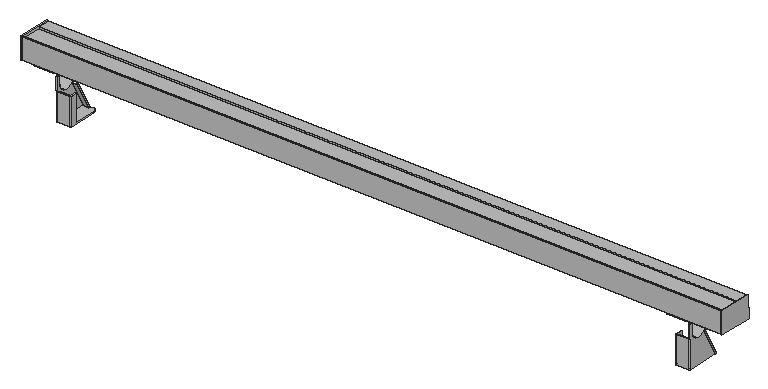
Revit family "4070764+4070747+4070771 Feilo Sylvania Lighting Fixtures CURSUS 1161MM 731LM WIDE LED 3K with SINGLE WALL HOUSING with 70MM WALL BRACKET", category Lighting Fixtures, host Face, Revit 2017
Family settings
  Host = Face
  Round Connector Dimension = Use Diameter
  Part Type = Normal
  OmniClass Number = 23.80.70.14
  OmniClass Title = Luminaries for External Lighting
  Cut with Voids When Loaded = Yes
  Light Source = No
  Shared = No
  Room Calculation Point = No
Parameters (values of type "4070764 CURSUS 1161MM 731LM WIDE LED 3K")
  Weight = "2.2 kg"
  Wattage Comments = "n/a"
  WarrantyStartDate [instance] = "n/a"
  WarrantyGuarantorParts = "n/a"
  WarrantyDurationUnit = "n/a"
  WarrantyDurationParts = "n/a"
  WarrantyDescription = "n/a"
  Voltage = 230 V
  URL = "http://www.sylvania-lighting.com"
  TypeName = "CURSUS 1161MM 731LM WIDE LED 3K"
  TypeFixture_FEILO = CURSUS with SINGLE WALL HOUSING : CURSUS 1161MM 731LM WIDE LED 3K
  Type Image = <None>
  Type Comments = "n/a"
  TiltAngle [instance] = 0.00°
  StartAngle [instance] = TiltAngle + 270.00°  # 270.00°
  SerialNumber [instance] = "n/a"
  ReflectorMaterial = none
  PowerFactor = 0
  PowerConsumption = "18 W"
  NominalLength = 1161 mm
  NominalHeight = 50 mm
  NominalDepth = 30 mm
  Name = "CURSUS 1161MM 731LM WIDE LED 3K"
  ModelReference = Name  # "CURSUS 1161MM 731LM WIDE LED 3K"
  ModelNumber = "4070764"
  Model = Name  # "CURSUS 1161MM 731LM WIDE LED 3K"
  Material = "natural anodised extruded aluminium structure housing"
  ManufacturerName = "Feilo Sylvania"
  Manufacturer = "Feilo Sylvania"
  LuminousEfficacy = "40.61 lm/W"
  LuminaireType = ""
  LightOutputRatio = "100"
  LampsType = Lamp  # "LED"
  LampNominalLuminous = "731 lm"
  LampMacAdamStep = "n/a"
  LampColourTemperature = "3000 K"
  LampColourRenderingIndex = "80"
  Lamp = "LED"
  Keynote = "16500"
  InstallationDate [instance] = "n/a"
  InputVoltage = "220-240V~"
  InputNominalFrequency = "n/a"
  IngressProtection = "IP67"
  ImpactProtectionIndex = "IK07"
  IfcExportType = "IfcLightFixtureType"
  IfcExportAs = "IfcLightFixtureType"
  ExpectedLife = 50000
  EndAngle [instance] = StartAngle - 180.00°  # 90.00°
  ElectricShockClassification = "Class III"
  DurationUnit = "hours"
  DocumentationLiterature = "http://www.sylvania-lighting.com/product/en-int/products/4070764"
  DimmingControlOptions = "n/a"
  DiffuserMaterial = Diffuser-Sylvania-Glow
  Description = "LED Exterior Lighting Recessed Surface Mounted Linear Fixture, Natural anodised extruded aluminium structure. Die-cast aluminium end caps. Installation kit with harmonic steel springs., 731 lm, 18W, 40lm/W, 3000K, CRI80+,non dimmable,IP67, IK07, (HxWxD) 1161x50x30mm, 3 step Mac Adam Ellipse, 2.2kg,, Classe III, 21-25V-DC, energy class : A++, A+, A"
  Default Elevation = 1219.2 mm
  CreatedOn = "1/8/2018"
  CreatedBy = ""
  Cost = 0
  built-in parameter 1114216 [instance] = (empty or 0)
  ClassificationValue = "EF_70_80"
  ClassificationName = "Uniclass2015"
  BracketWidth = 24 mm
  BracketThickness = 2 mm
  BracketHeightEnd = 32 mm
  BracketHeight = 55 mm
  BracketFlange = BracketHeight / 5  # 11 mm
  BracketExtension = 70 mm
  BracketEndReduction = 25 mm
  BracketC = 22 mm  # constant formula
  BracketDistance = 1030 mm
  BracketD = BracketHeightEnd - (BracketC * (BracketHeight - BracketHeightEnd) / (BracketExtension - BracketEndReduction))  # 20.756 mm
  BodyMaterial = Body-Sylvania-Gray
  BarCode [instance] = "n/a"
  AssetType = "Fixed"
  AssetIdentifier [instance] = "n/a"
  Assembly Code = "D5020200"
  Apparent Load = 18 VA
  AccessoryMaterial = Diffuser-Sylvania-Glow
Reference planes
  plane 1 "Center (Front/Back)": y = 0
  plane 2: z = 0
  plane 3 "Center (Left/Right)": x = 0
  plane 4: x = -527
  plane 5: x = 527
  plane 6: y = 55
  plane 7: x = -503
  plane 8: x = 503
  plane 9: z = 70
  plane 10: z = 56
  plane 11: z = 2
  plane 12: z = 45
  plane 13: x = -525
  plane 14: y = 53
  plane 15: y = 2
  plane 16: x = -505
  plane 17: x = 505
  plane 18: x = 525
  plane 19: x = -515
  plane 20: x = 515
  plane 21: y = 11
  plane 22: y = 32
  plane 23: y = 30
  plane 24: z = 67
  plane 25: y = 20.756
  plane 26: y = 16
Forms (mm)
  Blend 1, solid, material "Body-Sylvania-Gray" <- "BodyMaterial"
    base sketch origin (1223.4, -4572, 2) x (0, -1, 0) y (1, 0, 0)
      loop
        line (-4625, -1738.4) -> (-4627, -1738.4) -> (-4627, -1748.4)
        arc (-4627, -1748.4) -> (-4626.414, -1749.814) -> (-4625, -1750.4) r 2
        line (-4625, -1750.4) -> (-4574, -1750.4)
        arc (-4574, -1750.4) -> (-4572.586, -1749.814) -> (-4572, -1748.4) r 2
        line (-4572, -1748.4) -> (-4572, -1728.4)
        arc (-4572, -1728.4) -> (-4572.586, -1726.986) -> (-4574, -1726.4) r 2
        line (-4574, -1726.4) -> (-4583, -1726.4) -> (-4583, -1728.4) -> (-4574, -1728.4) -> (-4574, -1748.4) -> (-4625, -1748.4) -> (-4625, -1738.4)
    top sketch origin (1223.4, -4572, 2) x (0, -1, 0) y (1, 0, 0)
      loop
        line (-4583, -1728.4) -> (-4574, -1728.4) -> (-4574, -1748.4) -> (-4602, -1748.4) -> (-4602, -1738.4) -> (-4604, -1738.4) -> (-4604, -1748.4)
        arc (-4604, -1748.4) -> (-4603.52, -1749.71) -> (-4602.309, -1750.4) r 2.028
        line (-4602.309, -1750.4) -> (-4574, -1750.4)
        arc (-4574, -1750.4) -> (-4572.586, -1749.814) -> (-4572, -1748.4) r 2
        line (-4572, -1748.4) -> (-4572, -1728.4)
        arc (-4572, -1728.4) -> (-4572.586, -1726.986) -> (-4574, -1726.4) r 2
        line (-4574, -1726.4) -> (-4583, -1726.4) -> (-4583, -1728.4)
    from 0 to 43
  Extrusion 2, solid, material "Body-Sylvania-Gray" <- "BodyMaterial"
    sketch origin (0, 0, 0) x (1, 0, 0) y (0, 1, 0)
      loop
        arc (-525, 55) -> (-526.414, 54.414) -> (-527, 53) r 2
        line (-527, 53) -> (-527, 2)
        arc (-527, 2) -> (-526.414, 0.586) -> (-525, 0) r 2
        line (-525, 0) -> (-505, 0)
        arc (-505, 0) -> (-503.586, 0.586) -> (-503, 2) r 2
        line (-503, 2) -> (-503, 47.5)
        arc (-503, 47.5) -> (-505.197, 52.803) -> (-510.5, 55) r 7.5
        line (-510.5, 55) -> (-525, 55)
      loop
        line (525, 55) -> (510.5, 55)
        arc (510.5, 55) -> (505.197, 52.803) -> (503, 47.5) r 7.5
        line (503, 47.5) -> (503, 2)
        arc (503, 2) -> (503.586, 0.586) -> (505, 0) r 2
        line (505, 0) -> (525, 0)
        arc (525, 0) -> (526.414, 0.586) -> (527, 2) r 2
        line (527, 2) -> (527, 53)
        arc (527, 53) -> (526.414, 54.414) -> (525, 55) r 2
    from 0 to 2
  Blend 3, solid, material "Body-Sylvania-Gray" <- "BodyMaterial"
    base sketch origin (1223.4, -4572, 2) x (0, -1, 0) y (1, 0, 0)
      loop
        line (-4625, -698.4) -> (-4574, -698.4) -> (-4574, -718.4) -> (-4583, -718.4) -> (-4583, -720.4) -> (-4574, -720.4)
        arc (-4574, -720.4) -> (-4572.586, -719.814) -> (-4572, -718.4) r 2
        line (-4572, -718.4) -> (-4572, -698.4)
        arc (-4572, -698.4) -> (-4572.586, -696.986) -> (-4574, -696.4) r 2
        line (-4574, -696.4) -> (-4625, -696.4)
        arc (-4625, -696.4) -> (-4626.414, -696.986) -> (-4627, -698.4) r 2
        line (-4627, -698.4) -> (-4627, -708.4) -> (-4625, -708.4) -> (-4625, -698.4)
    top sketch origin (1223.4, -4572, 2) x (0, -1, 0) y (1, 0, 0)
      loop
        line (-4602, -708.4) -> (-4602, -698.4) -> (-4574, -698.4) -> (-4574, -718.4) -> (-4583, -718.4) -> (-4583, -720.4) -> (-4574, -720.4)
        arc (-4574, -720.4) -> (-4572.586, -719.814) -> (-4572, -718.4) r 2
        line (-4572, -718.4) -> (-4572, -698.4)
        arc (-4572, -698.4) -> (-4572.586, -696.986) -> (-4574, -696.4) r 2
        line (-4574, -696.4) -> (-4602, -696.4)
        arc (-4602, -696.4) -> (-4603.414, -696.986) -> (-4604, -698.4) r 2
        line (-4604, -698.4) -> (-4604, -708.4) -> (-4602, -708.4)
    from 0 to 43
  Blend 4, solid, material "Body-Sylvania-Gray" <- "BodyMaterial"
    base sketch origin (1223.4, -4572, 45) x (0, -1, 0) y (1, 0, 0)
      loop
        line (-4604, -1750.4) -> (-4572, -1750.4) -> (-4572, -1748.4) -> (-4604, -1748.4) -> (-4604, -1750.4)
    top sketch origin (1223.4, -4572, 45) x (0, -1, 0) y (1, 0, 0)
      loop
        line (-4572, -1750.4) -> (-4572, -1748.4) -> (-4592.756, -1748.4) -> (-4592.756, -1750.4) -> (-4572, -1750.4)
    from 0 to 22
  Blend 5, solid, material "Body-Sylvania-Gray" <- "BodyMaterial"
    base sketch origin (1223.4, -4572, 45) x (0, -1, 0) y (1, 0, 0)
      loop
        line (-4604, -698.4) -> (-4572, -698.4) -> (-4572, -696.4) -> (-4604, -696.4) -> (-4604, -698.4)
    top sketch origin (1223.4, -4572, 45) x (0, -1, 0) y (1, 0, 0)
      loop
        line (-4572, -696.4) -> (-4592.756, -696.4) -> (-4592.756, -698.4) -> (-4572, -698.4) -> (-4572, -696.4)
    from 0 to 22
  Extrusion 6, void
    sketch origin (0, 0, 0) x (0, 1, 0) y (0, 0, 1)
      loop
        line (0, 45) -> (2, 45) -> (2, 46.5) -> (0, 46.5) -> (0, 45)
      loop
        line (32, 45) -> (32, 46.5) -> (30, 46.5) -> (30, 45) -> (32, 45)
    from -527 to 527
  Revolve 7, solid, not visible
    sketch origin (1524, 16, 1219.2) x (1, 0, 0) y (0, 0, 1)
      loop
        line (-1524, -1152.2) -> (-1524, -1163.2) -> (-1009, -1163.2) -> (-1009, -1152.2) -> (-1524, -1152.2)
      axis (-1009, -1163.2) -> (-1524, -1163.2)
    angle from 270 <- "StartAngle" to 90 <- "EndAngle"
Cuts and joins
  Extrusion 6 cuts Blend 4
  Extrusion 6 cuts Blend 5
  joined: Blend 1, Extrusion 2, Blend 3, Blend 4, Blend 5
Lines and regions (mm)
  reference lines, not visible
    curve 1: line (-503, 16, 56) -> (503, 16, 56)
Dimensions and locks
  equal spacing: plane 4, plane 3 "Center (Left/Right)", plane 5
  "BracketDistance": plane 19 to plane 20
  "BracketHeight": plane 1 "Center (Front/Back)" to plane 6
  equal spacing: plane 7, plane 3 "Center (Left/Right)", plane 8
  "BracketWidth": plane 4 to plane 7
  "BracketExtension": plane 9 to plane 2
  "BracketThickness": plane 11 to plane 2
  "BracketEndReduction": plane 9 to plane 12
  equal spacing: plane 13, plane 3 "Center (Left/Right)", plane 18
  equal spacing: plane 16, plane 3 "Center (Left/Right)", plane 17
  "BracketThickness": plane 4 to plane 13
  "BracketThickness": plane 16 to plane 7
  "BracketThickness": plane 14 to plane 6
  "BracketThickness": plane 1 "Center (Front/Back)" to plane 15
  equal spacing: plane 4, plane 19, plane 7
  equal spacing: plane 8, plane 20, plane 5
  "BracketFlange": plane 1 "Center (Front/Back)" to plane 21
  "BracketHeightEnd": plane 1 "Center (Front/Back)" to plane 22
  "BracketThickness": plane 23 to plane 22
  locked: Extrusion 2 sketch curve to plane 7 at 7.5
  locked: Extrusion 2 sketch curve to plane 6 at 7.5  (x2)
  locked: plane 8 to Extrusion 2 sketch curve at 7.5
  "BracketC": plane 24 to plane 12
  "BracketD": plane 1 "Center (Front/Back)" to plane 25
  locked: plane 12 to Extrusion 6 sketch curve at 1.5
  equal spacing: plane 24, plane 10, plane 12
  equal spacing: plane 1 "Center (Front/Back)", plane 26, plane 22
  aligned and locked: plane 2 to host face
  aligned and locked: level to host face
  aligned and locked: plane 4 to Blend 1 sketch curve  (x2)
  aligned and locked: plane 13 to Blend 1 sketch curve  (x3)
  aligned and locked: Blend 1 sketch curve to plane 15
  aligned and locked: Blend 1 sketch curve to plane 16
  aligned and locked: Blend 1 sketch curve to plane 21
  aligned and locked: plane 7 to Blend 1 sketch curve
  aligned and locked: plane 16 to Blend 1 sketch curve
  aligned and locked: plane 1 "Center (Front/Back)" to Blend 1 sketch curve
  aligned and locked: plane 14 to Blend 1 sketch curve
  aligned and locked: Blend 1 sketch curve to var sketch  (x6)
  aligned and locked: Blend 1 sketch curve to plane 19
  aligned and locked: Blend 1 sketch curve to plane 22
  aligned and locked: plane 23 to Blend 1 sketch curve
  aligned and locked: plane 11 to Blend 1
  aligned and locked: Extrusion 2 sketch curve to Blend 1  (x3)
  aligned and locked: Extrusion 2 to level
  aligned and locked: Extrusion 2 to plane 11
  aligned and locked: Extrusion 2 sketch curve to plane 7
  aligned and locked: plane 18 to Blend 3 sketch curve  (x4)
  aligned and locked: plane 14 to Blend 3 sketch curve  (x2)
  aligned and locked: Blend 3 sketch curve to plane 20
  aligned and locked: Blend 3 sketch curve to plane 6
  aligned and locked: plane 5 to Blend 3 sketch curve
  aligned and locked: plane 1 "Center (Front/Back)" to Blend 3 sketch curve
  aligned and locked: plane 15 to Blend 3 sketch curve  (x2)
  aligned and locked: Blend 3 sketch curve to plane 8
  aligned and locked: Blend 3 sketch curve to plane 21
  aligned and locked: plane 17 to Blend 3 sketch curve
  aligned and locked: Blend 3 sketch curve to plane 18
  aligned and locked: plane 20 to Blend 3 sketch curve  (x2)
  aligned and locked: Blend 3 sketch curve to plane 23
  aligned and locked: Blend 3 sketch curve to var sketch  (x8)
  aligned and locked: var sketch to Blend 3 sketch curve
  aligned and locked: plane 22 to Blend 3 sketch curve
  aligned and locked: plane 11 to Blend 3
  aligned and locked: Extrusion 2 sketch curve to Blend 3  (x4)
  aligned and locked: Blend 1 to plane 12
  aligned and locked: Blend 3 to plane 12
  aligned and locked: Blend 4 sketch curve to plane 22
  aligned and locked: Blend 4 sketch curve to cut or joined group of Blend 1, Extrusion 2, Blend 3, Blend 4, Blend 5, Extrusion 6  (x2)
  aligned and locked: cut or joined group of Blend 1, Extrusion 2, Blend 3, Blend 4, Blend 5, Extrusion 6 to Blend 4 sketch curve
  aligned and locked: Blend 4 sketch curve to var sketch  (x2)
  aligned and locked: Blend 4 sketch curve to plane 13
  aligned and locked: Blend 4 to plane 24
  aligned and locked: Blend 4 sketch curve to plane 25
  aligned and locked: Blend 5 sketch curve to plane 18  (x2)
  aligned and locked: plane 1 "Center (Front/Back)" to Blend 5 sketch curve
  aligned and locked: plane 5 to Blend 5 sketch curve
  aligned and locked: plane 22 to Blend 5 sketch curve
  aligned and locked: Blend 5 sketch curve to var sketch
  aligned and locked: var sketch to Blend 5 sketch curve
  aligned and locked: Blend 5 sketch curve to plane 25
  aligned and locked: Blend 5 to plane 24
  aligned and locked: plane 12 to Blend 5
  aligned and locked: Extrusion 6 sketch curve to cut or joined group of Blend 1, Extrusion 2, Blend 3, Blend 4, Blend 5, Extrusion 6  (x2)
  aligned and locked: Extrusion 6 sketch curve to Extrusion 6 sketch curve
  aligned and locked: Extrusion 6 sketch curve to plane 15
  aligned and locked: plane 5 to Extrusion 6
  aligned and locked: Extrusion 6 to plane 4
  aligned and locked: Extrusion 6 sketch curve to plane 23
  aligned and locked: Revolve 7 sketch curve to plane 10  (x2)
  aligned and locked: plane 24 to Revolve 7 sketch curve
  aligned and locked: plane 3 "Center (Left/Right)" to Revolve 7 sketch curve
  aligned and locked: Revolve 7 sketch curve to plane 20
  aligned and locked: plane 7 to curve 1
  aligned and locked: plane 10 to curve 1
  aligned and locked: nested 1 to plane 5
  aligned and locked: nested 2 to plane 4
  aligned and locked: nested 1 to curve 1
  aligned and locked: nested 2 to curve 1
  aligned and locked: nested 1 to nested 3
  aligned and locked: nested 3 to plane 3 "Center (Left/Right)"
Automatic sketch dimensions
  host sketch curve to host sketch curve = 2438.4 mm  (x2)
  Blend 1 sketch curve to plane 13 = 0 mm
  plane 15 to Blend 1 sketch curve = 0 mm  (x3)
  Blend 1 sketch curve to plane 23 = 0.309 mm
  plane 6 to Blend 1 sketch curve = 0 mm
  plane 14 to Blend 1 sketch curve = 0 mm
  Blend 1 sketch curve to plane 19 = 0 mm
  Blend 3 sketch curve to plane 17 = 0 mm
  Extrusion 6 sketch curve to plane 1 "Center (Front/Back)" = 0 mm
  plane 12 to Extrusion 6 sketch curve = 0 mm
  Revolve 7 sketch curve to plane 4 = 1153 mm
  plane 5 to Revolve 7 sketch curve = 1161.4 mm
  curve 1 to plane 8 = 0 mm
Nested families
  nested 1: "MountingPlate" at (526, 16, 56) x (-1, 0, 0) z (0, 0, 1), type "MountingPlate"
  nested 2: "MountingPlate" at (-526, 16, 56) x (-1, 0, 0) z (0, 0, 1), type "MountingPlate"
  nested 3: "CURSUS with SINGLE WALL HOUSING" at (0, -4, 74) x (-1, 0, 0) z (0, 0, 1), type <- "TypeFixture_FEILO", type "CURSUS 1161MM 731LM WIDE LED 3K"
    with WarrantyStartDate "n/a", SerialNumber "n/a", InstallationDate "n/a", EndCapRight yes, EndCapLeft yes, built-in parameter 1114216 (empty or 0), BarCode "n/a", AssetIdentifier "n/a"
Connectors
  electrical at (0, 0, 0), driven by "Voltage", driven by "Apparent Load", driven by "PowerFactor"
    settings: index 1, voltage 230 V, apparent load 18 VA, apparent load phase1 0 VA, apparent load phase2 0 VA, apparent load phase3 0 VA, power factor 0, load classification "Other", number of poles 1, system type 30, power factor state 1, is connector primary yes, connector utility no, sub classification motor no, connector description ""
Definition of nested family "MountingPlate"
  Parameters (values of type "MountingPlate")
    URL = "http://www.feilosylvania.com"
    Type Comments = "n/a"
    ReflectorMaterial = none
    MountingPlateWidth = 76 mm
    MountingPlateThickness = 2 mm
    MountingPlateRadiusBack = 12 mm
    MountingPlateRadius = 3 mm
    MountingPlateHeight = 35 mm
    Model = "n/a"
    Manufacturer = "Feilo Sylvania"
    Keynote = "n/a"
    DiffuserMaterial = none
    Description = "n/a"
    Default Elevation = 1219.2 mm
    Cost = 0
    BodyMaterial = none
    Assembly Code = "n/a"
    AccessoryMaterial = none
  Reference planes
    plane 1 "Center (Front/Back)": y = 0
    plane 2: z = 0
    plane 3 "Center (Left/Right)": x = 0
    plane 4: x = -38
    plane 5: x = 38
    plane 6: y = 17.5
    plane 7: y = -17.5
    plane 8: x = -3
    plane 9: x = 3
    plane 10: z = 18
    plane 11: z = 16
    plane 12: y = 12.5
    plane 13: y = -12.5
    plane 14: x = -1
    plane 15: x = 1
    plane 16: z = -12.5
    plane 17: z = -14.5
  Forms (mm)
    Extrusion 1, solid
      sketch origin (1.653, 0, 0) x (1, 0, 0) y (0, 1, 0)
        loop
          line (-1219.2, 1219.2) -> (-1219.2, -1219.2) -> (1219.2, -1219.2) -> (1219.2, 1219.2) -> (-1219.2, 1219.2)
      from 0 to -304.8
    Extrusion 2, solid, material <- "BodyMaterial"
      sketch origin (1218.4, -4572, 16) x (0, -1, 0) y (-1, 0, 0)
        loop
          line (-4589.5, 1253.4) -> (-4589.5, 1224.4)
          arc (-4589.5, 1224.4) -> (-4588.621, 1222.279) -> (-4586.5, 1221.4) r 3
          line (-4586.5, 1221.4) -> (-4557.5, 1221.4)
          arc (-4557.5, 1221.4) -> (-4555.379, 1222.279) -> (-4554.5, 1224.4) r 3
          line (-4554.5, 1224.4) -> (-4554.5, 1253.4)
          arc (-4554.5, 1253.4) -> (-4555.379, 1255.521) -> (-4557.5, 1256.4) r 3
          line (-4557.5, 1256.4) -> (-4586.5, 1256.4)
          arc (-4586.5, 1256.4) -> (-4588.621, 1255.521) -> (-4589.5, 1253.4) r 3
        loop
          arc (-4589.5, 1183.4) -> (-4588.621, 1181.279) -> (-4586.5, 1180.4) r 3
          line (-4586.5, 1180.4) -> (-4557.5, 1180.4)
          arc (-4557.5, 1180.4) -> (-4555.379, 1181.279) -> (-4554.5, 1183.4) r 3
          line (-4554.5, 1183.4) -> (-4554.5, 1212.4)
          arc (-4554.5, 1212.4) -> (-4555.379, 1214.521) -> (-4557.5, 1215.4) r 3
          line (-4557.5, 1215.4) -> (-4586.5, 1215.4)
          arc (-4586.5, 1215.4) -> (-4588.621, 1214.521) -> (-4589.5, 1212.4) r 3
          line (-4589.5, 1212.4) -> (-4589.5, 1183.4)
      from 0 to -2
    Extrusion 3, solid, material <- "BodyMaterial"
      sketch origin (0, 0, 0) x (1, 0, 0) y (0, 0, 1)
        loop
          line (-3, 18) -> (-3, -12.5) -> (-1, -12.5) -> (-1, 16)
          arc (-1, 16) -> (-1.586, 17.414) -> (-3, 18) r 2
        loop
          line (3, -12.5) -> (3, 18)
          arc (3, 18) -> (1.586, 17.414) -> (1, 16) r 2
          line (1, 16) -> (1, -12.5) -> (3, -12.5)
      from -12.5 to 12.5
    Extrusion 4, void
      sketch origin (0, 0, 0) x (0, 1, 0) y (0, 0, 1)
        loop
          line (-12.5, -0.5) -> (-17.5, -0.5) -> (-17.5, -14.5) -> (-0.5, -14.5) -> (-0.5, -12.5)
          arc (-0.5, -12.5) -> (-8.985, -8.985) -> (-12.5, -0.5) r 12
        loop
          line (0.5, -12.5) -> (0.5, -14.5) -> (17.5, -14.5) -> (17.5, -0.5) -> (12.5, -0.5)
          arc (12.5, -0.5) -> (8.985, -8.985) -> (0.5, -12.5) r 12
      from -3 to 3
  Cuts and joins
    Extrusion 4 cuts Extrusion 2
    Extrusion 4 cuts Extrusion 3
    joined: Extrusion 2, Extrusion 3
  Lines and regions (mm)
    reference lines
      curve 1: line (-38, 0, 0) -> (38, 0, 0)
  Dimensions and locks
    equal spacing: plane 4, plane 3 "Center (Left/Right)", plane 5
    "MountingPlateWidth": plane 4 to plane 5
    equal spacing: plane 7, plane 1 "Center (Front/Back)", plane 6
    "MountingPlateHeight": plane 7 to plane 6
    equal spacing: plane 8, plane 3 "Center (Left/Right)", plane 9
    "MountingPlateHeight": plane 4 to plane 8
    locked: plane 10 to plane 2 at 18
    "MountingPlateThickness": plane 10 to plane 11
    equal spacing: plane 13, plane 1 "Center (Front/Back)", plane 12
    locked: plane 13 to plane 12 at 25
    "MountingPlateRadius": plane 4 to Extrusion 2 sketch curve  (x2)
    "MountingPlateRadius": Extrusion 2 sketch curve to plane 6  (x4)
    "MountingPlateRadius": Extrusion 2 sketch curve to plane 8  (x2)
    "MountingPlateRadius": plane 7 to Extrusion 2 sketch curve  (x4)
    "MountingPlateRadius": plane 9 to Extrusion 2 sketch curve  (x2)
    "MountingPlateRadius": Extrusion 2 sketch curve to plane 5  (x2)
    equal spacing: plane 15, plane 3 "Center (Left/Right)", plane 14
    "MountingPlateThickness": plane 14 to plane 8
    locked: plane 2 to plane 16 at 12.5
    locked: plane 17 to plane 16 at 2
    "MountingPlateRadiusBack": plane 13 to Extrusion 4 sketch curve
    "MountingPlateRadiusBack": plane 16 to Extrusion 4 sketch curve  (x2)
    "MountingPlateRadiusBack": Extrusion 4 sketch curve to plane 12
    aligned and locked: plane 2 to Extrusion 1
    aligned and locked: level to Extrusion 1
    aligned and locked: Extrusion 2 sketch curve to plane 6
    aligned and locked: Extrusion 2 sketch curve to plane 4
    aligned and locked: plane 7 to Extrusion 2 sketch curve
    aligned and locked: plane 8 to Extrusion 2 sketch curve
    aligned and locked: plane 6 to Extrusion 2 sketch curve
    aligned and locked: Extrusion 2 sketch curve to plane 5
    aligned and locked: Extrusion 2 sketch curve to plane 7
    aligned and locked: plane 9 to Extrusion 2 sketch curve
    aligned and locked: Extrusion 2 to plane 10
    aligned and locked: plane 11 to Extrusion 2
    aligned and locked: Extrusion 3 sketch curve to Extrusion 2  (x2)
    aligned and locked: plane 16 to Extrusion 3 sketch curve  (x2)
    aligned and locked: plane 14 to Extrusion 3 sketch curve
    aligned and locked: plane 9 to Extrusion 3 sketch curve
    aligned and locked: plane 15 to Extrusion 3 sketch curve
    aligned and locked: Extrusion 3 to plane 12
    aligned and locked: plane 13 to Extrusion 3
    aligned and locked: plane 17 to Extrusion 4 sketch curve  (x2)
    aligned and locked: Extrusion 4 sketch curve to plane 7
    aligned and locked: Extrusion 4 sketch curve to plane 6
    aligned and locked: plane 9 to Extrusion 4
    aligned and locked: Extrusion 4 to plane 8
    aligned and locked: plane 4 to curve 1
    aligned and locked: curve 1 to level
  Automatic sketch dimensions
    Extrusion 1 sketch curve to Extrusion 1 sketch curve = 2438.4 mm  (x2)
    Extrusion 3 sketch curve to plane 11 = 0 mm
    curve 1 to plane 5 = 0 mm
    Extrusion 4 sketch curve to plane 13 = 0 mm
    Extrusion 4 sketch curve to plane 12 = 0 mm
Definition of nested family "CURSUS with SINGLE WALL HOUSING"
  Parameters (values of type "CURSUS 1161MM 827LM OVAL LED 3K")
    Width_FEILO = 35 mm
    Weight = "2.2 kg"
    Wattage Comments = "n/a"
    Wattage = 18 W
    WarrantyStartDate [instance] = "n/a"
    WarrantyGuarantorParts = "n/a"
    WarrantyDurationUnit = "n/a"
    WarrantyDurationParts = "n/a"
    WarrantyDescription = "n/a"
    WallThickness_FEILO = 2.5 mm
    built-in parameter 1150110 = 1 (stored number, unit not read)
    Voltage = 24 V
    URL = "http://www.feilosylvania.com"
    TypeName = "CURSUS 1161MM 827LM OVAL LED 3K"
    Type Image = (empty or 0)
    Type Comments = "n/a"
    built-in parameter 1114217 = 1 (stored number, unit not read)
    Tilt Angle = -90.00°
    built-in parameter 1150109 = 1 (stored number, unit not read)
    built-in parameter 1150134 = (empty or 0)
    built-in parameter 1150113 = 1 (stored number, unit not read)
    SerialNumber [instance] = "n/a"
    ReflectorMaterial = none
    PowerFactor = 0
    PowerConsumption = "18 W"
    Photometric Web File = "4070765.ies"
    NominalLength = 1161 mm
    NominalHeight = 50 mm
    NominalDepth = 30 mm
    Name = "CURSUS 1161MM 827LM OVAL LED 3K"
    ModelReference = Name  # "CURSUS 1161MM 827LM OVAL LED 3K"
    ModelNumber = ""
    Model = Name  # "CURSUS 1161MM 827LM OVAL LED 3K"
    Material = "natural anodised extruded aluminium structure housing, optical system with pmma lenses diffuser"
    ManufacturerName = "Feilo Sylvania"
    Manufacturer = "Feilo Sylvania"
    LuminousEfficacy = "45.94 lm/W"
    built-in parameter 1150105 = 1166.5 (stored number, unit not read)
    Lumens = 827 lm
    LuminaireType = ""
    built-in parameter 1150115 = 1 (stored number, unit not read)
    LightOutputRatio = "100"
    built-in parameter 1150137 = (empty or 0)
    built-in parameter 1150139 = (empty or 0)
    Length_FEILO = 1167 mm
    LampsType = Lamp  # "LED"
    LampNominalLuminous = "827 lm"
    LampMacAdamStep = "n/a"
    LampColourTemperature = "3000 K"
    LampColourRenderingIndex = "80"
    built-in parameter 1150112 = 1 (stored number, unit not read)
    built-in parameter 1150114 = 1 (stored number, unit not read)
    Lamp = "LED"
    Keynote = "16500"
    InstallationDate [instance] = "n/a"
    InputVoltage = "24V DC"
    InputNominalFrequency = "n/a"
    built-in parameter 1150132 = (empty or 0)
    built-in parameter 1150102 = (empty or 0)
    built-in parameter 1150107 = 3000 (stored number, unit not read)
    built-in parameter 1150138 = (empty or 0)
    IngressProtection = "IP67"
    ImpactProtectionIndex = "IK07"
    built-in parameter 1150106 = 11.665 (stored number, unit not read)
    IfcExportType = "IfcLightFixtureType"
    IfcExportAs = "IfcLightFixtureType"
    ExpectedLife = 50000
    EndCapRight [instance] = yes
    EndCapLeft [instance] = yes
    Emit from Rectangle Width = Width_FEILO - WallThickness_FEILO * 2  # 30 mm
    Emit from Rectangle Length = Length_FEILO - WallThickness_FEILO * 2  # 1162 mm
    Emit Shape Visible in Rendering = no
    ElectricShockClassification = "Class III"
    built-in parameter 1150104 = 4.2684 (stored number, unit not read)
    DurationUnit = "hours"
    DocumentationLiterature = "http://www.feilosylvania.com/product/en-int/products/4070765"
    DimmingControlOptions = "n/a"
    Dimming Lamp Color Temperature Shift = (empty or 0)
    DiffuserMaterial = none
    Description = "LED Exterior Lighting Recessed Surface Mounted Linear Fixture, Natural anodised extruded aluminium structure. Die-cast aluminium end caps. Installation kit with harmonic steel springs., 827 lm, 18W, 45lm/W, 3000K, CRI80+,non dimmable,IP67, IK07, (HxWxD) 1161x50x30mm, 3 step Mac Adam Ellipse, 2.2kg,, Classe III, 21-25V-DC, energy class : A++, A+, A"
    Default Elevation = 1219.2 mm
    CreatedOn = "1/8/2018"
    CreatedBy = "aron.fodor@feilosylvania.com"
    Cost = 0
    Color Filter = 16777215
    built-in parameter 1114216 [instance] = (empty or 0)
    ClassificationValue = "EF_70_80"
    ClassificationName = "Uniclass2015"
    BodyMaterial = none
    BarCode [instance] = "n/a"
    built-in parameter 1114218 = 1 (stored number, unit not read)
    built-in parameter 1150133 = 10 (stored number, unit not read)
    AssetType = "Fixed"
    AssetIdentifier [instance] = "n/a"
    Assembly Code = "D5020200"
    Apparent Load = 18 VA
    AccessoryMaterial = none
  Types (16, lengths in mm): name | Weight | Wattage | Voltage | TypeName | built-in parameter 1150134 | PowerConsumption | Photometric Web File | NominalLength | Name | ModelReference | Model | Material | LuminousEfficacy | built-in parameter 1150105 | Lumens | Length_FEILO | LampNominalLuminous | LampColourTemperature | InputVoltage | InputNominalFrequency | built-in parameter 1150107 | built-in parameter 1150106 | Emit from Rectangle Length | built-in parameter 1150104 | DocumentationLiterature | Description | Apparent Load
    CURSUS 1161MM 827LM OVAL LED 3K | "2.2 kg" | 18 W | 24 V | "CURSUS 1161MM 827LM OVAL LED 3K" | (empty or 0) | "18 W" | "4070765.ies" | 1161 | "CURSUS 1161MM 827LM OVAL LED 3K" | "CURSUS 1161MM 827LM OVAL LED 3K" | "CURSUS 1161MM 827LM OVAL LED 3K" | "natural anodised extruded aluminium structure housing, optical system with pmma lenses diffuser" | "45.94 lm/W" | 1166.5 (stored number, unit not read) | 827 lm | 1167 | "827 lm" | "3000 K" | "24V DC" | "n/a" | 3000 (stored number, unit not read) | 11.665 (stored number, unit not read) | 1162 | 4.2684 (stored number, unit not read) | "http://www.feilosylvania.com/product/en-int/products/4070765" | "LED Exterior Lighting Recessed Surface Mounted Linear Fixture, Natural anodised extruded aluminium structure. Die-cast aluminium end caps. Installation kit with harmonic steel springs., 827 lm, 18W, 45lm/W, 3000K, CRI80+,non dimmable,IP67, IK07, (HxWxD) 1161x50x30mm, 3 step Mac Adam Ellipse, 2.2kg,, Classe III, 21-25V-DC, energy class : A++, A+, A" | 18 VA
    CURSUS 1161MM 731LM WIDE LED 3K | "2.2 kg" | 18 W | 230 V | "CURSUS 1161MM 731LM WIDE LED 3K" | (empty or 0) | "18 W" | "4070764.ies" | 1161 | "CURSUS 1161MM 731LM WIDE LED 3K" | "CURSUS 1161MM 731LM WIDE LED 3K" | "CURSUS 1161MM 731LM WIDE LED 3K" | "natural anodised extruded aluminium structure housing" | "40.61 lm/W" | 403.47 (stored number, unit not read) | 731 lm | 1167 | "731 lm" | "3000 K" | "220-240V~" | "n/a" | 3000 (stored number, unit not read) | 4.0347 (stored number, unit not read) | 1162 | 3.7729 (stored number, unit not read) | "http://www.feilosylvania.com/product/en-int/products/4070764" | "LED Exterior Lighting Recessed Surface Mounted Linear Fixture, Natural anodised extruded aluminium structure. Die-cast aluminium end caps. Installation kit with harmonic steel springs., 731 lm, 18W, 40lm/W, 3000K, CRI80+,non dimmable,IP67, IK07, (HxWxD) 1161x50x30mm, 3 step Mac Adam Ellipse, 2.2kg,, Classe III, 21-25V-DC, energy class : A++, A+, A" | 18 VA
    CURSUS 1161MM 871LM OVAL LED 4K | "2.2 kg" | 18 W | 24 V | "CURSUS 1161MM 871LM OVAL LED 4K" | 12 | "18 W" | "4070763.ies" | 1161 | "CURSUS 1161MM 871LM OVAL LED 4K" | "CURSUS 1161MM 871LM OVAL LED 4K" | "CURSUS 1161MM 871LM OVAL LED 4K" | "natural anodised extruded aluminium structure housing, optical system with pmma lenses diffuser" | "48.38 lm/W" | 1192.8 (stored number, unit not read) | 871 lm | 1167 | "871 lm" | "4000 K" | "24V DC" | "50/60 Hz" | 4000 (stored number, unit not read) | 11.928 (stored number, unit not read) | 1162 | 4.4955 (stored number, unit not read) | "http://www.feilosylvania.com/product/en-int/products/4070763" | "LED Exterior Lighting Recessed Surface Mounted Linear Fixture, Natural anodised extruded aluminium structure. Die-cast aluminium end caps. Installation kit with harmonic steel springs., 871 lm, 18W,  48lm/W, 4000K, CRI80+,non dimmable,IP67, IK07, (HxWxD) 1161x50x30mm, 3 step Mac Adam Ellipse, 2.2kg,, Classe III, 21-25V-DC, energy class : A++, A+, A" | 18 VA
    CURSUS 1161MM 770LM WIDE LED 4K | "2.2 kg" | 18 W | 230 V | "CURSUS 1161MM 770LM WIDE LED 4K" | 12 | "18 W" | "4070762.ies" | 1161 | "CURSUS 1161MM 770LM WIDE LED 4K" | "CURSUS 1161MM 770LM WIDE LED 4K" | "CURSUS 1161MM 770LM WIDE LED 4K" | "natural anodised extruded aluminium structure housing" | "42.77 lm/W" | 424.94 (stored number, unit not read) | 770 lm | 1167 | "770 lm" | "4000 K" | "220-240V~" | "n/a" | 4000 (stored number, unit not read) | 4.2494 (stored number, unit not read) | 1162 | 3.9742 (stored number, unit not read) | "http://www.feilosylvania.com/product/en-int/products/4070762" | "LED Exterior Lighting Recessed Surface Mounted Linear Fixture, Natural anodised extruded aluminium structure. Die-cast aluminium end caps. Installation kit with harmonic steel springs., 770 lm, 18W,  42lm/W, 4000K, CRI80+,non dimmable,IP67, IK07, (HxWxD) 1161x50x30mm, 3 step Mac Adam Ellipse, 2.2kg,, Classe III, 21-25V-DC, energy class : A++, A+, A" | 18 VA
    CURSUS 876MM 620LM OVAL LED 3K | "1.7 kg" | 13.5 W | 24 V | "CURSUS 876MM 620LM OVAL LED 3K" | (empty or 0) | "13.5 W" | "4070758.ies" | 876 | "CURSUS 876MM 620LM OVAL LED 3K" | "CURSUS 876MM 620LM OVAL LED 3K" | "CURSUS 876MM 620LM OVAL LED 3K" | "natural anodised extruded aluminium structure housing, optical system with pmma lenses diffuser" | "45.92 lm/W" | 874.55 (stored number, unit not read) | 620 lm | 882 | "620 lm" | "3000 K" | "24V DC" | "50/60 Hz" | 3000 (stored number, unit not read) | 8.7455 (stored number, unit not read) | 877 | 4.2667 (stored number, unit not read) | "http://www.feilosylvania.com/product/en-int/products/4070758" | "LED Exterior Lighting Recessed Surface Mounted Linear Fixture, Natural anodised extruded aluminium structure. Die-cast aluminium end caps. Installation kit with harmonic steel springs., 620 lm, 13,5W, 45lm/W, 3000K, CRI80+,non dimmable,IP67, IK07, (HxWxD) 876x50x30mm, 3 step Mac Adam Ellipse, 1.7kg,, Classe III, 21-25V-DC, energy class : A++, A+, A" | 13.5 VA
    CURSUS 876MM 548LM WIDE LED 3K | "1.7 kg" | 13.5 W | 24 V | "CURSUS 876MM 548LM WIDE LED 3K" | (empty or 0) | "13.5 W" | "4070757.ies" | 876 | "CURSUS 876MM 548LM WIDE LED 3K" | "CURSUS 876MM 548LM WIDE LED 3K" | "CURSUS 876MM 548LM WIDE LED 3K" | "natural anodised extruded aluminium structure housing" | "40.59 lm/W" | 302.47 (stored number, unit not read) | 548 lm | 882 | "548 lm" | "3000 K" | "24V DC" | "n/a" | 3000 (stored number, unit not read) | 3.0247 (stored number, unit not read) | 877 | 3.7712 (stored number, unit not read) | "http://www.feilosylvania.com/product/en-int/products/4070757" | "LED Exterior Lighting Recessed Surface Mounted Linear Fixture, Natural anodised extruded aluminium structure. Die-cast aluminium end caps. Installation kit with harmonic steel springs., 548 lm, 13,5W, 40lm/W, 3000K, CRI80+,non dimmable,IP67, IK07, (HxWxD) 876x50x30mm, 3 step Mac Adam Ellipse, 1.7kg,, Classe III, 21-25V-DC, energy class : A++, A+, A" | 13.5 VA
    CURSUS 876MM 653LM OVAL LED 4K | "1.7 kg" | 13.5 W | 24 V | "CURSUS 876MM 653LM OVAL LED 4K" | 12 | "13.5 W" | "4070756.ies" | 876 | "CURSUS 876MM 653LM OVAL LED 4K" | "CURSUS 876MM 653LM OVAL LED 4K" | "CURSUS 876MM 653LM OVAL LED 4K" | "natural anodised extruded aluminium structure housing, optical system with pmma lenses diffuser" | "48.37 lm/W" | 894.28 (stored number, unit not read) | 653 lm | 882 | "653 lm" | "4000 K" | "24V DC" | "n/a" | 4000 (stored number, unit not read) | 8.9428 (stored number, unit not read) | 877 | 4.4938 (stored number, unit not read) | "http://www.feilosylvania.com/product/en-int/products/4070756" | "LED Exterior Lighting Recessed Surface Mounted Linear Fixture, Natural anodised extruded aluminium structure. Die-cast aluminium end caps. Installation kit with harmonic steel springs., 653 lm, 13,5W,  48lm/W, 4000K, CRI80+,non dimmable,IP67, IK07, (HxWxD) 876x50x30mm, 3 step Mac Adam Ellipse, 1.7kg,, Classe III, 21-25V-DC, energy class : A++, A+, A" | 13.5 VA
    CURSUS 876MM 577LM WIDE LED 4K | "1.7 kg" | 13.5 W | 24 V | "CURSUS 876MM 577LM WIDE LED 4K" | 12 | "13.5 W" | "4070755.ies" | 876 | "CURSUS 876MM 577LM WIDE LED 4K" | "CURSUS 876MM 577LM WIDE LED 4K" | "CURSUS 876MM 577LM WIDE LED 4K" | "natural anodised extruded aluminium structure housing" | "42.74 lm/W" | 318.43 (stored number, unit not read) | 577 lm | 882 | "577 lm" | "4000 K" | "24V DC" | "n/a" | 4000 (stored number, unit not read) | 3.1843 (stored number, unit not read) | 877 | 3.9707 (stored number, unit not read) | "http://www.feilosylvania.com/product/en-int/products/4070755" | "LED Exterior Lighting Recessed Surface Mounted Linear Fixture, Natural anodised extruded aluminium structure. Die-cast aluminium end caps. Installation kit with harmonic steel springs., 577 lm, 13,5W,  42lm/W, 4000K, CRI80+,non dimmable,IP67, IK07, (HxWxD) 876x50x30mm, 3 step Mac Adam Ellipse, 1.7kg,, Classe III, 21-25V-DC, energy class : A++, A+, A" | 13.5 VA
    CURSUS 591MM 414LM OVAL LED 3K | "1.2 kg" | 9 W | 24 V | "CURSUS 591MM 414LM OVAL LED 3K" | (empty or 0) | "9 W" | "4070751.ies" | 591 | "CURSUS 591MM 414LM OVAL LED 3K" | "CURSUS 591MM 414LM OVAL LED 3K" | "CURSUS 591MM 414LM OVAL LED 3K" | "natural anodised extruded aluminium structure housing, optical system with pmma lenses diffuser" | "46 lm/W" | 583.97 (stored number, unit not read) | 414 lm | 597 | "414 lm" | "3000 K" | "24V DC" | "n/a" | 3000 (stored number, unit not read) | 5.8397 (stored number, unit not read) | 592 | 4.2735 (stored number, unit not read) | "http://www.feilosylvania.com/product/en-int/products/4070751" | "LED Exterior Lighting Recessed Surface Mounted Linear Fixture, Natural anodised extruded aluminium structure. Die-cast aluminium end caps. Installation kit with harmonic steel springs., 414 lm, 9W, 46lm/W, 3000K, CRI80+,non dimmable,IP67, IK07, (HxWxD) 591x50x30mm, 3 step Mac Adam Ellipse, 1.2kg,, Classe III, 21-25V-DC, energy class : A++, A+, A" | 9 VA
    CURSUS 591MM 365LM WIDE LED 3K | "1.2 kg" | 9 W | 24 V | "CURSUS 591MM 365LM WIDE LED 3K" | (empty or 0) | "9 W" | "4070750.ies" | 591 | "CURSUS 591MM 365LM WIDE LED 3K" | "CURSUS 591MM 365LM WIDE LED 3K" | "CURSUS 591MM 365LM WIDE LED 3K" | "natural anodised extruded aluminium structure housing" | "40.55 lm/W" | 201.45 (stored number, unit not read) | 365 lm | 597 | "365 lm" | "3000 K" | "24V DC" | "n/a" | 3000 (stored number, unit not read) | 2.0145 (stored number, unit not read) | 592 | 3.7677 (stored number, unit not read) | "http://www.feilosylvania.com/product/en-int/products/4070750" | "LED Exterior Lighting Recessed Surface Mounted Linear Fixture, Natural anodised extruded aluminium structure. Die-cast aluminium end caps. Installation kit with harmonic steel springs., 365 lm, 9W, 40lm/W, 3000K, CRI80+,non dimmable,IP67, IK07, (HxWxD) 591x50x30mm, 3 step Mac Adam Ellipse, 1.2kg,, Classe III, 21-25V-DC, energy class : A++, A+, A" | 9 VA
    CURSUS 591MM 435LM OVAL LED 4K | "1.2 kg" | 9 W | 24 V | "CURSUS 591MM 435LM OVAL LED 4K" | 12 | "9 W" | "4070749.ies" | 591 | "CURSUS 591MM 435LM OVAL LED 4K" | "CURSUS 591MM 435LM OVAL LED 4K" | "CURSUS 591MM 435LM OVAL LED 4K" | "natural anodised extruded aluminium structure housing, optical system with pmma lenses diffuser" | "48.33 lm/W" | 595.73 (stored number, unit not read) | 435 lm | 597 | "435 lm" | "4000 K" | "24V DC" | "n/a" | 4000 (stored number, unit not read) | 5.9573 (stored number, unit not read) | 592 | 4.4903 (stored number, unit not read) | "http://www.feilosylvania.com/product/en-int/products/4070749" | "LED Exterior Lighting Recessed Surface Mounted Linear Fixture, Natural anodised extruded aluminium structure. Die-cast aluminium end caps. Installation kit with harmonic steel springs., 435 lm, 9W, 48lm/W, 4000K, CRI80+,non dimmable,IP67, IK07, (HxWxD) 591x50x30mm, 3 step Mac Adam Ellipse, 1.2kg,, Classe III, 21-25V-DC, energy class : A++, A+, A" | 9 VA
    CURSUS 591MM 385LM WIDE LED 4K | "1.2 kg" | 9 W | 24 V | "CURSUS 591MM 385LM WIDE LED 4K" | 12 | "9 W" | "4070748.ies" | 591 | "CURSUS 591MM 385LM WIDE LED 4K" | "CURSUS 591MM 385LM WIDE LED 4K" | "CURSUS 591MM 385LM WIDE LED 4K" | "natural anodised extruded aluminium structure housing" | "42.77 lm/W" | 212.47 (stored number, unit not read) | 385 lm | 597 | "385 lm" | "4000 K" | "24V DC" | "n/a" | 4000 (stored number, unit not read) | 2.1247 (stored number, unit not read) | 592 | 3.9742 (stored number, unit not read) | "http://www.feilosylvania.com/product/en-int/products/4070748" | "LED Exterior Lighting Recessed Surface Mounted Linear Fixture, Natural anodised extruded aluminium structure. Die-cast aluminium end caps. Installation kit with harmonic steel springs., 385 lm, 9W,  42lm/W, 4000K, CRI80+,non dimmable,IP67, IK07, (HxWxD) 591x50x30mm, 3 step Mac Adam Ellipse, 1.2kg,, Classe III, 21-25V-DC, energy class : A++, A+, A" | 9 VA
    CURSUS 306MM 207LM OVAL LED3K | "0.6 kg" | 4.5 W | 24 V | "CURSUS 306MM 207LM OVAL LED3K" | (empty or 0) | "4.5 W" | "4070744.ies" | 306 | "CURSUS 306MM 207LM OVAL LED3K" | "CURSUS 306MM 207LM OVAL LED3K" | "CURSUS 306MM 207LM OVAL LED3K" | "natural anodised extruded aluminium structure housing, optical system with pmma lenses diffuser" | "46 lm/W" | 291.98 (stored number, unit not read) | 207 lm | 312 | "207 lm" | "3000 K" | "24V DC" | "n/a" | 3000 (stored number, unit not read) | 2.9198 (stored number, unit not read) | 307 | 4.2735 (stored number, unit not read) | "http://www.feilosylvania.com/product/en-int/products/4070744" | "LED Exterior Lighting Recessed Surface Mounted Linear Fixture, Natural anodised extruded aluminium structure. Die-cast aluminium end caps. Installation kit with harmonic steel springs., 207 lm, 4,5W, 46lm/W, 3000K, CRI80+,non dimmable,IP67, IK07, (HxWxD) 306x50x30mm, 3 step Mac Adam Ellipse, 0.6kg,, Classe III, 21-25V-DC, energy class : A++, A+, A" | 4.5 VA
    CURSUS 306MM 183LM WIDE LED 3K | "0.6 kg" | 4.5 W | 24 V | "CURSUS 306MM 183LM WIDE LED 3K" | (empty or 0) | "4.5 W" | "4070743.ies" | 306 | "CURSUS 306MM 183LM WIDE LED 3K" | "CURSUS 306MM 183LM WIDE LED 3K" | "CURSUS 306MM 183LM WIDE LED 3K" | "natural anodised extruded aluminium structure housing" | "40.66 lm/W" | 101.01 (stored number, unit not read) | 183 lm | 312 | "183 lm" | "3000 K" | "24V DC" | "n/a" | 3000 (stored number, unit not read) | 1.0101 (stored number, unit not read) | 307 | 3.7781 (stored number, unit not read) | "http://www.feilosylvania.com/product/en-int/products/4070743" | "LED Exterior Lighting Recessed Surface Mounted Linear Fixture, Natural anodised extruded aluminium structure. Die-cast aluminium end caps. Installation kit with harmonic steel springs., 183 lm, 4,5W, 40lm/W, 3000K, CRI80+,non dimmable,IP67, IK07, (HxWxD) 306x50x30mm, 3 step Mac Adam Ellipse, 0.6kg,, Classe III, 21-25V-DC, energy class : A++, A+, A" | 4.5 VA
    CURSUS 306MM 218LM OVAL LED 4K | "0.6 kg" | 4.5 W | 24 V | "CURSUS 306MM 218LM OVAL LED 4K" | 12 | "4.5 W" | "4070742.ies" | 306 | "CURSUS 306MM 218LM OVAL LED 4K" | "CURSUS 306MM 218LM OVAL LED 4K" | "CURSUS 306MM 218LM OVAL LED 4K" | "natural anodised extruded aluminium structure housing, optical system with pmma lenses diffuser" | "48.44 lm/W" | 298.55 (stored number, unit not read) | 218 lm | 312 | "218 lm" | "4000 K" | "24V DC" | "n/a" | 4000 (stored number, unit not read) | 2.9855 (stored number, unit not read) | 307 | 4.5006 (stored number, unit not read) | "http://www.feilosylvania.com/product/en-int/products/4070742" | "LED Exterior Lighting Recessed Surface Mounted Linear Fixture, Natural anodised extruded aluminium structure. Die-cast aluminium end caps. Installation kit with harmonic steel springs., 218 lm, 4,5W,  48lm/W, 4000K, CRI80+,non dimmable,IP67, IK07, (HxWxD) 306x50x30mm, 3 step Mac Adam Ellipse, 0.6kg,, Classe III, 21-25V-DC, energy class : A++, A+, A" | 4.5 VA
    CURSUS 306MM 192LM WIDE LED 4K | "0.6 kg" | 4.5 W | 24 V | "CURSUS 306MM 192LM WIDE LED 4K" | 12 | "4.5 W" | "4070741.ies" | 306 | "CURSUS 306MM 192LM WIDE LED 4K" | "CURSUS 306MM 192LM WIDE LED 4K" | "CURSUS 306MM 192LM WIDE LED 4K" | "natural anodised extruded aluminium structure housing" | "42.66 lm/W" | 105.96 (stored number, unit not read) | 192 lm | 312 | "192 lm" | "4000 K" | "24V DC" | "n/a" | 4000 (stored number, unit not read) | 1.0596 (stored number, unit not read) | 307 | 3.9639 (stored number, unit not read) | "http://www.feilosylvania.com/product/en-int/products/4070741" | "LED Exterior Lighting Recessed Surface Mounted Linear Fixture, Natural anodised extruded aluminium structure. Die-cast aluminium end caps. Installation kit with harmonic steel springs., 192 lm, 4,5W,  42lm/W, 4000K, CRI80+,non dimmable,IP67, IK07, (HxWxD) 306x50x30mm, 3 step Mac Adam Ellipse, 0.6kg,, Classe III, 21-25V-DC, energy class : A++, A+, A" | 4.5 VA
  Reference planes
    plane 1 "Center (Front/Back)": y = 0
    plane 2: z = 0
    plane 3 "Center (Left/Right)": x = 0
    plane 4: x = 583.5
    plane 5: x = -583.5
    plane 6: x = -581
    plane 7: x = 581
    plane 8: z = 35
    plane 9: z = 17.5
    plane 10: z = 32.5
    plane 11: z = 2.5
    plane 12: z = 30
    plane 13: z = 5
    plane 14: y = -55
    plane 15: y = -53
    plane 16: y = -2.5
    plane 17: y = -37
    plane 18: y = -34.5
  Forms (mm)
    Extrusion 1, solid
      sketch origin (4.2, 0, 0) x (1, 0, 0) y (0, 1, 0)
        loop
          line (-1219.2, 1219.2) -> (-1219.2, -1219.2) -> (1219.2, -1219.2) -> (1219.2, 1219.2) -> (-1219.2, 1219.2)
      from 0 to -304.8
    Extrusion 2, solid, material <- "BodyMaterial"
      sketch origin (0, 0, 0) x (0, 1, 0) y (0, 0, 1)
        loop
          line (0, 35) -> (-2.5, 35) -> (-2.5, 32.5) -> (-34.5, 32.5) -> (-34.5, 35) -> (-55, 35) -> (-55, 32.5) -> (-37, 32.5) -> (-37, 30) -> (-2.5, 30) -> (-2.5, 5) -> (-37, 5) -> (-37, 2.5) -> (-55, 2.5) -> (-55, 0) -> (-34.5, 0) -> (-34.5, 2.5) -> (-2.5, 2.5) -> (-2.5, 0) -> (0, 0) -> (0, 35)
      from -581 to 581
    Extrusion 3, solid, material <- "DiffuserMaterial"
      sketch origin (0, 0, 0) x (0, 1, 0) y (0, 0, 1)
        loop
          line (-37, 32.5) -> (-55, 32.5) -> (-55, 19.5) -> (-53, 17.5) -> (-55, 15.5) -> (-55, 2.5) -> (-37, 2.5) -> (-37, 32.5)
      from -581 to 581
    Extrusion 4, solid, material <- "BodyMaterial", visible <- "EndCapRight"
      sketch origin (581, 1524, 1219.2) x (0, 1, 0) y (0, 0, 1)
        loop
          line (-1579, -1184.2) -> (-1579, -1219.2) -> (-1524, -1219.2) -> (-1524, -1184.2) -> (-1579, -1184.2)
      from 0 to 2.5
    Extrusion 5, solid, material <- "BodyMaterial", visible <- "EndCapLeft"
      sketch origin (-581, 1524, 1219.2) x (0, 1, 0) y (0, 0, 1)
        loop
          line (-1579, -1184.2) -> (-1579, -1219.2) -> (-1524, -1219.2) -> (-1524, -1184.2) -> (-1579, -1184.2)
      from -2.5 to 0
  Dimensions and locks
    equal spacing: plane 5, plane 3 "Center (Left/Right)", plane 4
    "Length_FEILO": plane 5 to plane 4
    equal spacing: plane 6, plane 3 "Center (Left/Right)", plane 7
    "WallThickness_FEILO": plane 5 to plane 6
    locked: plane 9 to plane 2 at 17.5
    locked: plane 8 to plane 2 at 35
    equal spacing: plane 11, plane 9, plane 10
    equal spacing: plane 13, plane 9, plane 12
    "WallThickness_FEILO": plane 12 to plane 10
    locked: plane 14 to plane 15 at 2
    locked: plane 14 to plane 17 at 18
    "WallThickness_FEILO": plane 17 to plane 18
    "WallThickness_FEILO": plane 16 to plane 1 "Center (Front/Back)"
    locked: plane 15 to Extrusion 3 sketch curve (angle 45.00°)
    locked: Extrusion 3 sketch curve to plane 15 (angle 45.00°)
    aligned and locked: plane 2 to Extrusion 1
    aligned and locked: level to Extrusion 1
    aligned and locked: plane 1 "Center (Front/Back)" to Extrusion 2 sketch curve
    aligned and locked: Extrusion 2 sketch curve to plane 8  (x2)
    aligned and locked: plane 16 to Extrusion 2 sketch curve
    aligned and locked: Extrusion 1 to Extrusion 2 sketch curve
    aligned and locked: Extrusion 2 sketch curve to plane 16  (x2)
    aligned and locked: Extrusion 2 sketch curve to plane 11
    aligned and locked: plane 18 to Extrusion 2 sketch curve
    aligned and locked: level to Extrusion 2 sketch curve
    aligned and locked: plane 11 to Extrusion 2 sketch curve
    aligned and locked: Extrusion 2 sketch curve to plane 17
    aligned and locked: plane 13 to Extrusion 2 sketch curve
    aligned and locked: Extrusion 2 sketch curve to plane 12
    aligned and locked: plane 10 to Extrusion 2 sketch curve  (x2)
    aligned and locked: plane 17 to Extrusion 2 sketch curve  (x2)
    aligned and locked: plane 12 to Extrusion 2 sketch curve
    aligned and locked: Extrusion 2 sketch curve to plane 10
    aligned and locked: Extrusion 2 sketch curve to plane 18
    aligned and locked: plane 7 to Extrusion 2
    aligned and locked: Extrusion 2 to plane 6
    aligned and locked: Extrusion 3 sketch curve to Extrusion 2  (x4)
    aligned and locked: Extrusion 2 to Extrusion 3 sketch curve
    aligned and locked: plane 9 to Extrusion 3 sketch curve
    aligned and locked: plane 7 to Extrusion 3
    aligned and locked: Extrusion 3 to plane 6
    aligned and locked: Extrusion 4 sketch curve to Extrusion 2  (x4)
    aligned and locked: plane 4 to Extrusion 4
    aligned and locked: Extrusion 4 to plane 7
    aligned and locked: Extrusion 5 sketch curve to Extrusion 4  (x3)
    aligned and locked: Extrusion 5 sketch curve to Extrusion 2
    aligned and locked: Extrusion 5 to plane 5
    aligned and locked: plane 6 to Extrusion 5
    aligned and locked: plane 14 to imposter light
    aligned and locked: imposter light to plane 9
    aligned and locked: plane 3 "Center (Left/Right)" to imposter light
  Automatic sketch dimensions
    Extrusion 1 sketch curve to Extrusion 1 sketch curve = 2438.4 mm  (x2)
    Extrusion 2 sketch curve to plane 14 = 0 mm  (x2)
    Extrusion 3 sketch curve to plane 15 = 0 mm
  Connectors
    electrical at (0, 0, 0), driven by "Apparent Load", driven by "PowerFactor", driven by "Voltage"
      settings: index 1, voltage 24 V, apparent load 18 VA, apparent load phase1 0 VA, apparent load phase2 0 VA, apparent load phase3 0 VA, power factor 0, load classification none, number of poles 1, system type 30, power factor state 1, is connector primary yes, connector utility no, sub classification motor no, connector description ""
